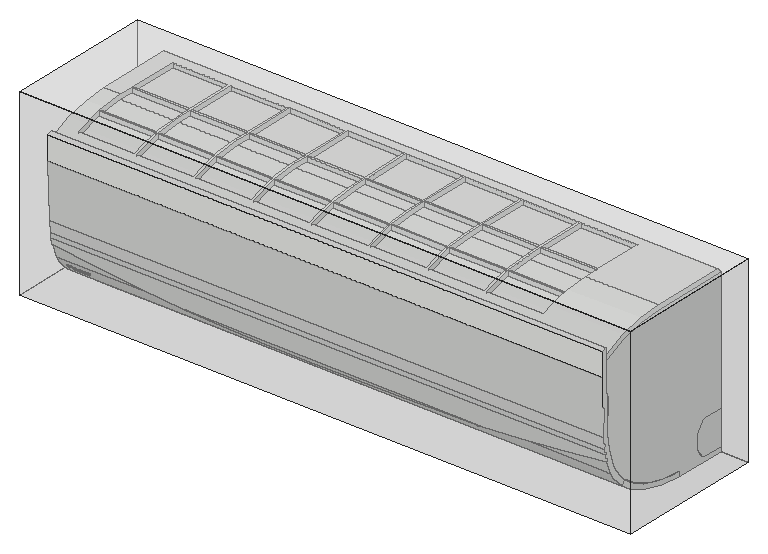
Revit family "outputfile", category 機械設備, Revit 2024
Family settings
  丸型コネクタ寸法 = 半径を使用
  パーツ タイプ = 標準
  OmniClass 番号 = 23.75.10.24.21.27.27
  OmniClass タイトル = Split System Air Conditioning Units
  作業面ベース = いいえ
  常に垂直 = はい
  ロード時にボイドで切り取り = いいえ
  注釈の向きを維持 = いいえ
  共有 = いいえ
  部屋計算ポイント = いいえ
Parameters (values of type "FTXV71W2VMA")
  Description = ""
  書き出し IFC クラス(タイプ) = "IfcUnitaryEquipmentType"
  定義済み IFC タイプ(タイプ) = "AIRCONDITIONINGUNIT"
  Cost = 0
  Type Comments = ""
  Keynote = ""
  Type Image = (empty or 0)
  Assembly Code = ""
  w_wall hole = if(Width = 770.0 mm, 48.0 mm, 60.0 mm)  # 60.0 mm
  製造元 = "Daikin"
  モデル = "FTXV71W2VMA"
  switch_frequency = yes
  r_Liquid Pipe Size = Liquid Pipe Size / 2  # 3.2 mm
  r_Gas Pipe Size = Gas Pipe Size / 2  # 7.95 mm
  r_Drain Pipe Size = Drain Pipe Size / 2  # 8.0 mm
  lw_powersupply [instance] = if(Width = 770.0 mm, if(or(Rear Right Connection_refrigerant, Bottom Right Connection_refrigerant), 25.0 mm, if(or(Rear Left Connection_refrigerant, Bottom Left Connection_refrigerant), 745.0 mm, 400.0 mm)), if(Width = 990.0 mm, if(or(Rear Right Connection_refrigerant, Bottom Right Connection_refrigerant), 40.0 mm, if(or(Rear Left Connection_refrigerant, Bottom Left Connection_refrigerant), 920.0 mm, 400.0 mm)), if(or(Rear Right Connection_refrigerant, Bottom Right Connection_refrigerant), 40.0 mm, if(or(Rear Left Connection_refrigerant, Bottom Left Connection_refrigerant), 920.0 mm, 400.0 mm))))  # 400.0 mm
  lw_liquidpipe [instance] = if(Width = 770.0 mm, if(or(Rear Right Connection_refrigerant, Bottom Right Connection_refrigerant), 0.0 mm, if(or(Rear Left Connection_refrigerant, Bottom Left Connection_refrigerant), 664.0 mm, 385.0 mm)), if(Width = 990.0 mm, if(or(Rear Right Connection_refrigerant, Bottom Right Connection_refrigerant), 0.0 mm, if(or(Rear Left Connection_refrigerant, Bottom Left Connection_refrigerant), 664.0 mm + (990.0 mm - 770.0 mm), 475.0 mm)), if(or(Rear Right Connection_refrigerant, Bottom Right Connection_refrigerant), 0.0 mm, if(or(Rear Left Connection_refrigerant, Bottom Left Connection_refrigerant), 664.0 mm + (990.0 mm - 770.0 mm), 475.0 mm))))  # 475.0 mm
  lw_gaspipe [instance] = if(Width = 770.0 mm, if(or(Rear Right Connection_refrigerant, Bottom Right Connection_refrigerant), 0.0 mm, if(or(Rear Left Connection_refrigerant, Bottom Left Connection_refrigerant), 675.0 mm, if(Gas Pipe Size = 12.7 mm, 345.0 mm, 335.0 mm))), if(Width = 990.0 mm, if(or(Rear Right Connection_refrigerant, Bottom Right Connection_refrigerant), 10.0 mm, if(or(Rear Left Connection_refrigerant, Bottom Left Connection_refrigerant), 890.0 mm, if(Gas Pipe Size = 15.9 mm, 410.0 mm, 400.0 mm))), if(or(Rear Right Connection_refrigerant, Bottom Right Connection_refrigerant), 10.0 mm, if(or(Rear Left Connection_refrigerant, Bottom Left Connection_refrigerant), 890.0 mm, if(Gas Pipe Size = 15.9 mm, 410.0 mm, 400.0 mm)))))  # 410.0 mm
  lw_drainpipe [instance] = if(Width = 770.0 mm, if(or(Rear Right Connection_refrigerant, Bottom Right Connection_refrigerant), 0.0 mm, if(or(Rear Left Connection_refrigerant, Bottom Left Connection_refrigerant), 770.0 mm - 48.0 mm - 48.0 mm, 440.0 mm)), if(Width = 990.0 mm, if(or(Rear Right Connection_refrigerant, Bottom Right Connection_refrigerant), 0.0 mm, if(or(Rear Left Connection_refrigerant, Bottom Left Connection_refrigerant), 675.0 mm + (990.0 mm - 770.0 mm), 435.0 mm)), if(or(Rear Right Connection_refrigerant, Bottom Right Connection_refrigerant), 0.0 mm, if(or(Rear Left Connection_refrigerant, Bottom Left Connection_refrigerant), 675.0 mm + (990.0 mm - 770.0 mm), 435.0 mm))))  # 435.0 mm
  l_powersupply_length [instance] = if(Width = 770.0 mm, if(Right Connection_refrigerant, 400.0 mm, if(Left Connection_refrigerant, 770.0 mm - 400.0 mm, if(or(Rear Left Connection_refrigerant, Rear Right Connection_refrigerant), 15.0 mm, 50.0 mm))), if(Width = 990.0 mm, if(Right Connection_refrigerant, 400.0 mm, if(Left Connection_refrigerant, 990.0 mm - 400.0 mm, if(or(Rear Left Connection_refrigerant, Rear Right Connection_refrigerant), 15.0 mm, 50.0 mm))), if(Right Connection_refrigerant, 400.0 mm, if(Left Connection_refrigerant, 990.0 mm - 400.0 mm, if(or(Rear Left Connection_refrigerant, Rear Right Connection_refrigerant), 15.0 mm, 50.0 mm)))))  # 400.0 mm
  l_liquidpipe_length [instance] = if(Width = 770.0 mm, if(Right Connection_refrigerant, 433.0 mm, if(Left Connection_refrigerant, 337.0 mm, if(or(Rear Left Connection_refrigerant, Rear Right Connection_refrigerant), 30.0 mm, 40.0 mm))), if(Width = 990.0 mm, if(Right Connection_refrigerant, 535.0 mm, if(Left Connection_refrigerant, 455.0 mm, if(or(Rear Left Connection_refrigerant, Rear Right Connection_refrigerant), 30.0 mm, 40.0 mm))), if(Right Connection_refrigerant, 535.0 mm, if(Left Connection_refrigerant, 455.0 mm, if(or(Rear Left Connection_refrigerant, Rear Right Connection_refrigerant), 30.0 mm, 40.0 mm)))))  # 535.0 mm
  l_gaspipe_length [instance] = if(Width = 770.0 mm, if(Right Connection_refrigerant, if(Gas Pipe Size = 12.7 mm, 393.0 mm, 383.0 mm), if(Left Connection_refrigerant, if(Gas Pipe Size = 12.7 mm, 770.0 mm - 393.0 mm, 770.0 mm - 383.0 mm), if(or(Rear Left Connection_refrigerant, Rear Right Connection_refrigerant), 40.0 mm, 50.0 mm))), if(Width = 990.0 mm, if(Right Connection_refrigerant, if(Gas Pipe Size = 15.9 mm, 470.0 mm, 460.0 mm), if(Left Connection_refrigerant, if(Gas Pipe Size = 15.9 mm, 990.0 mm - 470.0 mm, 990.0 mm - 460.0 mm), if(or(Rear Left Connection_refrigerant, Rear Right Connection_refrigerant), 40.0 mm, 50.0 mm))), if(Right Connection_refrigerant, if(Gas Pipe Size = 15.9 mm, 470.0 mm, 460.0 mm), if(Left Connection_refrigerant, if(Gas Pipe Size = 15.9 mm, 990.0 mm - 470.0 mm, 990.0 mm - 460.0 mm), if(or(Rear Left Connection_refrigerant, Rear Right Connection_refrigerant), 40.0 mm, 50.0 mm)))))  # 470.0 mm
  l_drainpipe_length [instance] = if(Width = 770.0 mm, if(Right Connection_refrigerant, 488.0 mm, if(Left Connection_refrigerant, 282.0 mm, if(or(Rear Left Connection_refrigerant, Rear Right Connection_refrigerant), 15.0 mm, 20.0 mm))), if(Width = 990.0 mm, if(Right Connection_refrigerant, 495.0 mm, if(Left Connection_refrigerant, 495.0 mm, if(or(Rear Left Connection_refrigerant, Rear Right Connection_refrigerant), 15.0 mm, 20.0 mm))), if(Right Connection_refrigerant, 495.0 mm, if(Left Connection_refrigerant, 495.0 mm, if(or(Rear Left Connection_refrigerant, Rear Right Connection_refrigerant), 15.0 mm, 20.0 mm)))))  # 495.0 mm
  h*** = 0.0 mm  # constant formula
  connector_voltage = Voltage_50Hz  # 230 V
  connector_powerinput = if([Power Input (Cooling)] > [Power Input (Heating)], [Power Input (Cooling)], [Power Input (Heating)])  # 0.000 kW
  connector_phase = Phase_50Hz  # 1
  angle_vertical [instance] = if(or(Bottom Left Connection_refrigerant, Bottom Right Connection_refrigerant), 0.00°, 90.00°)  # 90.00°
  angle_horizontal [instance] = if(Right Connection_refrigerant, 90.00°, if(Left Connection_refrigerant, -90.00°, if(or(Rear Left Connection_refrigerant, Rear Right Connection_refrigerant), 180.00°, 0.00°)))  # 90.00°
  Width = 990.0 mm
  Voltage_comment_50Hz = "220 - 240"
  Voltage_50Hz = 230 V
  Version = "ver.1.0"
  Unit Type = "Wall Mounted"
  Unit Mass Weight = 13.00 kg
  Unit Designation [instance] = ""
  Uniclass2015Version = "Products v1.30"
  Uniclass2015Title = "Split coil room air conditioning units"
  Uniclass2015Code = "Pr_70_65_03_86"
  URL = ""
  Total Heating Capacity [instance] = 0.000 kW
  Total Cooling Capacity [instance] = 0.000 kW
  Sound Pressure Level_M speed (dBA) = 45
  Sound Pressure Level_L speed (dBA) = 37
  Sound Pressure Level_H speed (dBA) = 49
  Sound Power Level_H speed (dB) = 0
  Series = "Single Split_Fan Coil Unit"
  Sensible Cooling Capacity [instance] = 0.000 kW
  Refrigerant Type = "R32"
  Power Input (Heating) = 0.000 kW
  Power Input (Cooling) = 0.000 kW
  Phase_50Hz = 1
  Option Accessory 3 [instance] = ""
  Option Accessory 2 [instance] = ""
  Option Accessory 1 [instance] = ""
  Nominal Heating Capacity = 8.000 kW
  Nominal Cooling Capacity = 7.100 kW
  Minimum Circuit Amps_50Hz = 0.0 A
  Minimum Airflow = 738.00 m³/h
  Median Airflow = 936.00 m³/h
  Maximum Fuse Amps_50Hz = 0.0 A
  Maximum Airflow = 1120.00 m³/h
  Material_Casing = DAIKIN_PureWhite_Casing_indoorunit
  Load Classification = HVAC
  Liquid Pipe Size = 6.4 mm
  Link_Nested Family [instance] = ""
  IfcVersion = ""
  IfcExportType = "AIRCONDITIONINGUNIT"
  IfcExportAs = "IfcUnitaryEquipmentType"
  Height = 295.0 mm
  Heating Entering Wet Bulb Temperature [instance] = -273.15 °C
  Heating Entering Dry Bulb Temperature [instance] = -273.15 °C
  Heating Ambient Wet Bulb Temperature [instance] = -273.15 °C
  Heating Ambient Dry Bulb Temperature [instance] = -273.15 °C
  Heat Exchanger Type = "Cross Fin Coil"
  Gas Pipe Size = 15.9 mm
  Frequency_50Hz = 50 Hz
  Fan Type = "Cross Flow Fan"
  Fan Drive = "Direct Drive"
  FCU Tag No. [instance] = ""
  Drain Pipe Size = 16.0 mm
  Design Supply Airflow [instance] = 0.00 m³/h
  Depth = 263.0 mm
  既定の高さ = 0.0 mm
  Cooling Entering Wet Bulb Temperature [instance] = 0.00 °C
  Cooling Entering Dry Bulb Temperature [instance] = 0.00 °C
  Cooling Ambient Wet Bulb Temperature [instance] = 0.00 °C
  Cooling Ambient Dry Bulb Temperature [instance] = 0.00 °C
  Clearance visibility [instance] = yes
  Clearance Top = 30.0 mm
  Clearance Right = 50.0 mm
  Clearance Rear = 0.0 mm
  Clearance Left = 50.0 mm
  Clearance Front = 0.0 mm
  Clearance Bottom = 0.0 mm
  Bottom Right Connection_refrigerant [instance] = no
  Bottom Left Connection_refrigerant [instance] = no
  Rear Right Connection_refrigerant [instance] = no
  Rear Left Connection_refrigerant [instance] = no
  Right Connection_refrigerant [instance] = yes
  Left Connection_refrigerant [instance] = no
Reference planes
  plane 1 "Back": y = 0
  plane 2: z = 0
  plane 3 "Center (Left/Right)": x = 0
  plane 4 "Center (Front/Back)": y = -131.5
  plane 5 "Front": y = -263
  plane 6 "Left": x = -495
  plane 7 "Right": x = 495
  plane 8 "Top": z = 0
  plane 9 "Bottom": z = -295
  plane 10: x = -545
  plane 11: x = 545
  plane 12: y = 0
  plane 13: y = -263
  plane 14: z = 30
  plane 15: z = -295
  plane 16 "lw_Piping and Wiring intake": x = 435
  plane 17 "lw_gaspipe": x = 25
  plane 18 "lw_liquidpipe": x = -40
  plane 19 "lw_drainpipe": x = 0
  plane 20 "lh_drainpipe": z = -275
  plane 21 "lh_liquidpipe": z = -255
  plane 22 "lh_gaspipe": z = -245
  plane 23 "ld_drainpipe": y = -15
  plane 24 "ld_liquidpipe": y = -30
  plane 25 "ld_gaspipe": y = -40
  plane 26 "lw_powersupply": x = 95
Dimensions and locks
  equal spacing: plane 6 "Left", plane 3 "Center (Left/Right)", plane 7 "Right"
  "Width": plane 6 "Left" to plane 7 "Right"
  equal spacing: plane 5 "Front", plane 4 "Center (Front/Back)", plane 1 "Back"
  "Depth": plane 5 "Front" to plane 1 "Back"
  "Height": plane 8 "Top" to plane 9 "Bottom"
  "Clearance Rear": plane 12 to plane 1 "Back"
  "Clearance Front": plane 13 to plane 5 "Front"
  "Clearance Top": plane 14 to plane 8 "Top"
  "Clearance Bottom": plane 9 "Bottom" to plane 15
  "w_wall hole": plane 16 "lw_Piping and Wiring intake" to plane 7 "Right"
  "lw_gaspipe": plane 17 "lw_gaspipe" to plane 16 "lw_Piping and Wiring intake"
  "lw_liquidpipe": plane 18 "lw_liquidpipe" to plane 16 "lw_Piping and Wiring intake"
  "lw_drainpipe": plane 19 "lw_drainpipe" to plane 16 "lw_Piping and Wiring intake"
  locked: plane 20 "lh_drainpipe" to plane 9 "Bottom" at 20
  locked: plane 21 "lh_liquidpipe" to plane 9 "Bottom" at 40
  locked: plane 22 "lh_gaspipe" to plane 9 "Bottom" at 50
  locked: plane 23 "ld_drainpipe" to plane 1 "Back" at 15
  locked: plane 1 "Back" to plane 24 "ld_liquidpipe" at 30
  locked: plane 1 "Back" to plane 25 "ld_gaspipe" at 40
  "lw_powersupply": plane 26 "lw_powersupply" to plane 7 "Right"
  "Clearance Right": plane 7 "Right" to plane 11
  "Clearance Left": plane 10 to plane 6 "Left"
  aligned and locked: level to plane 2
  aligned and locked: plane 12 to nested 1
  aligned and locked: nested 1 to plane 13
  aligned and locked: plane 10 to nested 1
  aligned and locked: plane 11 to nested 1
  aligned and locked: plane 15 to nested 1
  aligned and locked: plane 14 to nested 1
  aligned and locked: plane 17 "lw_gaspipe" to nested 2
  aligned and locked: nested 2 to plane 25 "ld_gaspipe"
  aligned and locked: plane 18 "lw_liquidpipe" to nested 3
  aligned and locked: nested 3 to plane 24 "ld_liquidpipe"
  aligned and locked: plane 19 "lw_drainpipe" to nested 4
  aligned and locked: nested 4 to plane 23 "ld_drainpipe"
  aligned and locked: nested 5 to plane 23 "ld_drainpipe"
  aligned and locked: plane 26 "lw_powersupply" to nested 5
  aligned and locked: level to plane 8 "Top"
  aligned and locked: plane 3 "Center (Left/Right)" to nested 6
  aligned and locked: plane 1 "Back" to nested 6
  aligned and locked: plane 8 "Top" to nested 6
Nested families
  nested 1: "daikin_clearancespace" at (0, -131.5, -132.381), show <- "Clearance visibility", visible <- "Clearance visibility", Link_Nested Family <- "Link_Nested Family", type "daikin_clearancespace"
    with width 1090.0 mm, show yes, height 325.0 mm, depth 263.0 mm, Link_Nested Family ""
  nested 2: "daikin_connector_rotate3" at (25, -40, -245), angle_vertical <- "angle_vertical", angle_horizontal <- "angle_horizontal", length <- "l_gaspipe_length", radius <- "r_Gas Pipe Size", type "daikin_connector_rotate3"
    with show no, radius 7.95 mm, length 470.0 mm, angle_vertical 90.00°, angle_horizontal 90.00°
  nested 3: "daikin_connector_rotate3" at (-40, -30, -255), angle_vertical <- "angle_vertical", angle_horizontal <- "angle_horizontal", radius <- "r_Liquid Pipe Size", length <- "l_liquidpipe_length", type "daikin_connector_rotate3"
    with show no, radius 3.2 mm, length 535.0 mm, angle_vertical 90.00°, angle_horizontal 90.00°
  nested 4: "daikin_connector_rotate3" at (0, -15, -275), angle_vertical <- "angle_vertical", angle_horizontal <- "angle_horizontal", length <- "l_drainpipe_length", radius <- "r_Drain Pipe Size", type "daikin_connector_rotate3"
    with show no, radius 8.0 mm, length 495.0 mm, angle_vertical 90.00°, angle_horizontal 90.00°
  nested 5: "daikin_connector_rotate3" at (95, -15, -245), angle_vertical <- "angle_vertical", angle_horizontal <- "angle_horizontal", length <- "l_powersupply_length", type "daikin_connector_rotate3"
    with show no, radius 10.0 mm, length 400.0 mm, angle_vertical 90.00°, angle_horizontal 90.00°
  nested 6: "DAIKIN_indoorunit_FTXV-W2VMA" at (-31, 0, 0), type "FTXV-W2VMA"
    with switch_unit1_50-71 yes, switch_unit1_20-46 no, Width 990.0 mm, WALL HOLE-R 60.0 mm, WALL HOLE Size 80.0 mm, Height 295.0 mm
Connectors
  piping at (495, -40, -245), diameter 15.9, driven by "r_Gas Pipe Size"
    settings: on nested 2, index 1, connector inside diameter 609.6 mm, connector length 0.0 mm, flow factor 0, pipe flow 0.00 m³/h, pressure drop 0.0 Pa, fitting loss kfactor 0, connector angle 0.00°, fixture units 0, engagement length 0.0 mm, angle of deflection 0.00°, flow configuration 1, flow direction 2, fitting loss method 0, system type 29, joint type 0, gender type 0, connector reference index -1, connector utility 0, adjustable connector no, is connector primary yes, connector description "Refrigerant Gas Piping"
  piping at (495, -30, -255), diameter 6.4, driven by "r_Liquid Pipe Size"
    settings: on nested 3, index 2, connector inside diameter 609.6 mm, connector length 0.0 mm, flow factor 0, pipe flow 0.00 m³/h, pressure drop 0.0 Pa, fitting loss kfactor 0, connector angle 0.00°, fixture units 0, engagement length 0.0 mm, angle of deflection 0.00°, flow configuration 1, flow direction 1, fitting loss method 0, system type 29, joint type 0, gender type 0, connector reference index -1, connector utility 0, adjustable connector no, is connector primary no, connector description "Refrigerant Liquid Piping"
  piping at (495, -15, -275), diameter 16, driven by "r_Drain Pipe Size"
    settings: on nested 4, index 3, connector inside diameter 609.6 mm, connector length 0.0 mm, flow factor 0, pipe flow 0.00 m³/h, pressure drop 0.0 Pa, fitting loss kfactor 0, connector angle 0.00°, fixture units 0, engagement length 0.0 mm, angle of deflection 0.00°, flow configuration 1, flow direction 2, fitting loss method 4, system type 16, joint type 0, gender type 0, connector reference index -1, connector utility 0, adjustable connector no, is connector primary no, connector description "Condensate Drain Piping"
  electrical at (495, -15, -245), driven by "Load Classification", driven by "connector_phase", driven by "connector_powerinput", driven by "connector_voltage"
    settings: on nested 5, index 4, voltage 230 V, apparent load 0 VA, apparent load phase1 0 VA, apparent load phase2 0 VA, apparent load phase3 0 VA, power factor 1, load classification "HVAC", number of poles 1, system type 30, power factor state 1, is connector primary yes, connector utility no, sub classification motor no, connector description "Power Supply"
Definition of nested family "daikin_clearancespace"
  Parameters (values of type "daikin_clearancespace")
    Description = "daikin_clearancespace"
    width [instance] = 1823.963 mm
    show [instance] = yes
    material = none
    height [instance] = 1359.762 mm
    depth [instance] = 880.0 mm
    Default Elevation = 0.0 mm
    Link_Nested Family [instance] = ""
  Reference planes
    plane 1 "Center (Front/Back)": y = 0
    plane 2 "Center (Elevation)": z = -0.119
    plane 3 "Center (Left/Right)": x = 0
    plane 4: y = 440
    plane 5: y = -440
    plane 6 "Right": x = 911.982
    plane 7 "Left": x = -911.982
    plane 8 "Top": z = 679.762
    plane 9 "Bottom": z = -680
  Forms (mm)
    Extrusion 1, solid, material <- "material", visible <- "show"
      sketch origin (0, 0, 0) x (1, 0, 0) y (0, 1, 0)
        loop
          line (-911.982, 440) -> (-911.982, -440) -> (911.982, -440) -> (911.982, 440) -> (-911.982, 440)
      from -680 to 679.762
  Lines and regions (mm)
    symbolic lines, visible <- "show"
      curve 1: line (911.982, 440, 0) -> (-911.982, 440, 0)
      curve 2: line (-911.982, 440, 0) -> (-911.982, -440, 0)
      curve 3: line (-911.982, -440, 0) -> (911.982, -440, 0)
      curve 4: line (911.982, -440, 0) -> (911.982, 440, 0)
      curve 5: line (911.982, 0, 679.762) -> (-911.982, 0, 679.762)
      curve 6: line (911.982, 0, -680) -> (911.982, 0, 679.762)
      curve 7: line (-911.982, 0, -680) -> (911.982, 0, -680)
      curve 8: line (-911.982, 0, 679.762) -> (-911.982, 0, -680)
      curve 9: line (0, 440, 679.762) -> (0, -440, 679.762)
      curve 10: line (0, -440, 679.762) -> (0, -440, -680)
      curve 11: line (0, 440, -680) -> (0, 440, 679.762)
      curve 12: line (0, -440, -680) -> (0, 440, -680)
  Dimensions and locks
    "width": plane 7 "Left" to plane 6 "Right"
    "depth": plane 4 to plane 5
    "height": plane 8 "Top" to plane 9 "Bottom"
    equal spacing: plane 7 "Left", plane 3 "Center (Left/Right)", plane 6 "Right"
    equal spacing: plane 4, plane 1 "Center (Front/Back)", plane 5
    equal spacing: plane 8 "Top", plane 2 "Center (Elevation)", plane 9 "Bottom"
    aligned and locked: level to plane 2 "Center (Elevation)"
    aligned and locked: Extrusion 1 sketch curve to plane 4
    aligned and locked: plane 7 "Left" to Extrusion 1 sketch curve
    aligned and locked: Extrusion 1 sketch curve to plane 5
    aligned and locked: Extrusion 1 sketch curve to plane 6 "Right"
    aligned and locked: plane 8 "Top" to Extrusion 1
    aligned and locked: curve 1 to Extrusion 1
    aligned and locked: curve 2 to Extrusion 1
    aligned and locked: curve 3 to Extrusion 1
    aligned and locked: curve 4 to Extrusion 1
    aligned and locked: curve 5 to Extrusion 1
    aligned and locked: curve 6 to Extrusion 1
    aligned and locked: curve 7 to Extrusion 1
    aligned and locked: curve 8 to Extrusion 1
    aligned and locked: curve 9 to Extrusion 1
    aligned and locked: curve 10 to Extrusion 1
    aligned and locked: curve 11 to Extrusion 1
    aligned and locked: curve 12 to Extrusion 1
    aligned and locked: Extrusion 1 to plane 9 "Bottom"
Definition of nested family "DAIKIN_indoorunit_FTXV-W2VMA"
  Parameters (values of type "FTKM-QVMA")
    switch_unit1_50-71 = Width = 990.0 mm  # no
    switch_unit1_20-46 = Width = 770.0 mm  # yes
    Width = 770.0 mm
    WALL HOLE-R = if(Width = 770.0 mm, 48.0 mm, 60.0 mm)  # 48.0 mm
    WALL HOLE Size = if(Width = 770.0 mm, 65.0 mm, 80.0 mm)  # 65.0 mm
    Material_Casing = none
    Height = if(Width = 770.0 mm, 285.0 mm, 295.0 mm)  # 285.0 mm
    Default Elevation = 0.0 mm
  Reference planes
    plane 1 "Center (Front/Back)": y = 0
    plane 2 "reference_level": z = 0
    plane 3 "Center (Left/Right)": x = 31
    plane 4: x = -354
    plane 5: x = 416
    plane 6: z = -285
  Forms (mm)
    Extrusion 1, solid, material <- "Material_Casing", visible <- "switch_unit1_20-46"
      sketch origin (29, 0, 0) x (0, 1, 0) y (0, 0, 1)
        loop
          line (-5, 0) -> (-98, 0)
          arc (-98, 0) -> (-157.611, -7.211) -> (-213.783, -28.427) r 250
          arc (-213.783, -28.427) -> (-213.842, -32.972) -> (-213.892, -37.516) r 2191
          arc (-213.892, -37.516) -> (-157.832, -15.495) -> (-98.07, -8) r 242
          line (-98.07, -8) -> (0, -8) -> (-5, 0)
      from -383 to 387
    Extrusion 2, solid, material <- "Material_Casing", visible <- "switch_unit1_20-46"
      sketch origin (416, 1296.25, 1200) x (0, 1, 0) y (0, 0, 1)
        loop
          line (-1472.998, -1446.91) -> (-1476.998, -1453.839)
          arc (-1476.998, -1453.839) -> (-1437.481, -1472.422) -> (-1395.25, -1483.538) r 240
          line (-1395.25, -1483.538) -> (-1395.25, -1475.422)
          arc (-1395.25, -1475.422) -> (-1435.407, -1464.663) -> (-1472.998, -1446.91) r 232
      from 0 to -47.5
    Extrusion 3, solid, material <- "Material_Casing", visible <- "switch_unit1_20-46"
      sketch origin (29, 0, 0) x (0, 1, 0) y (0, 0, 1)
        loop
          arc (-223, -60.455) -> (-222.414, -110.646) -> (-220.656, -160.81) r 2149.92
          arc (-220.656, -160.81) -> (-219.65, -174.299) -> (-217.853, -187.706) r 229.911
          arc (-217.853, -187.706) -> (-205.371, -223.594) -> (-181.517, -253.17) r 111
          line (-181.517, -253.17) -> (-177.429, -246.093)
          arc (-177.429, -246.093) -> (-198.77, -218.989) -> (-209.965, -186.36) r 103
          arc (-209.965, -186.36) -> (-211.681, -173.586) -> (-212.651, -160.735) r 221.844
          arc (-212.651, -160.735) -> (-214.739, -93.233) -> (-214.74, -25.699) r 2186.828
          arc (-214.74, -25.699) -> (-214.671, -21.467) -> (-214.594, -17.235) r 2192
          line (-214.594, -17.235) -> (-223, -19.961) -> (-223, -60.455)
      from -383 to 387
    Extrusion 4, solid, material <- "Material_Casing", visible <- "switch_unit1_20-46"
      sketch origin (29, 0, 0) x (0, 1, 0) y (0, 0, 1)
        loop
          line (-181.517, -253.17) -> (-179.597, -249.846)
          arc (-179.597, -249.846) -> (-202.009, -221.399) -> (-213.189, -186.952) r 103
          line (-213.189, -186.952) -> (-217.853, -187.706)
          arc (-217.853, -187.706) -> (-217.533, -189.556) -> (-217.182, -191.4) r 111
          arc (-217.182, -191.4) -> (-213.806, -208.181) -> (-210.362, -224.948) r 4257.809
          arc (-210.362, -224.948) -> (-198.886, -237.857) -> (-186.225, -249.607) r 180
          line (-186.225, -249.607) -> (-181.517, -253.17)
      from -383 to 387
    Extrusion 5, solid, material <- "Material_Casing", visible <- "switch_unit1_20-46"
      sketch origin (29, 0, -20) x (0, 1, 0) y (0, 0, 1)
        loop
          line (0, -265) -> (0, 12) -> (-98.07, 12)
          arc (-98.07, 12) -> (-157.832, 4.505) -> (-213.892, -17.516) r 242
          arc (-213.892, -17.516) -> (-213.638, -79.114) -> (-211.653, -140.681) r 2191
          arc (-211.653, -140.681) -> (-210.685, -153.501) -> (-208.973, -166.243) r 221
          arc (-208.973, -166.243) -> (-197.471, -199.282) -> (-175.482, -226.491) r 102
          arc (-175.482, -226.491) -> (-138.004, -244.019) -> (-98, -254.579) r 231
          line (-98, -254.579) -> (-98, -265) -> (0, -265)
      from -383 to 387
    Extrusion 6, solid, material <- "Material_Casing", visible <- "switch_unit1_20-46"
      sketch origin (-354, 1296.25, 1200) x (0, 1, 0) y (0, 0, 1)
        loop
          line (-1472.998, -1446.91) -> (-1476.998, -1453.839)
          arc (-1476.998, -1453.839) -> (-1437.481, -1472.422) -> (-1395.25, -1483.538) r 240
          line (-1395.25, -1483.538) -> (-1395.25, -1475.422)
          arc (-1395.25, -1475.422) -> (-1435.407, -1464.663) -> (-1472.998, -1446.91) r 232
      from 47 to 0
    Extrusion 7, solid, material <- "Material_Casing", visible <- "switch_unit1_20-46"
      sketch origin (416, 1296.25, 1200) x (0, 1, 0) y (0, 0, 1)
        loop
          line (-1472.998, -1446.91) -> (-1476.998, -1453.839)
          arc (-1476.998, -1453.839) -> (-1443.437, -1470.168) -> (-1407.75, -1481.097) r 240
          line (-1407.75, -1481.097) -> (-1407.75, -1472.894)
          arc (-1407.75, -1472.894) -> (-1441.363, -1462.385) -> (-1472.998, -1446.91) r 232
      from -116.993 to -48.493
    Extrusion 8, solid, material <- "Material_Casing", visible <- "switch_unit1_20-46"
      sketch origin (416, 1296.25, 1200) x (0, 1, 0) y (0, 0, 1)
        loop
          line (-1472.998, -1446.91) -> (-1476.998, -1453.839)
          arc (-1476.998, -1453.839) -> (-1443.437, -1470.168) -> (-1407.75, -1481.097) r 240
          line (-1407.75, -1481.097) -> (-1407.75, -1472.894)
          arc (-1407.75, -1472.894) -> (-1441.363, -1462.385) -> (-1472.998, -1446.91) r 232
      from -717 to -121.993
    Extrusion 9, void
      sketch origin (31, 0, -235) x (1, 0, 0) y (0, 1, 0)
        loop
          line (-252.674, -22.316) -> (-354.941, -22.316) -> (-354.941, -91.341) -> (-252.674, -91.341) -> (-252.674, -22.316)
        loop
          line (-249.341, -91.341) -> (-151.574, -91.341) -> (-151.574, -22.316) -> (-249.341, -22.316) -> (-249.341, -91.341)
        loop
          line (58.309, -22.316) -> (-148.309, -22.316) -> (-148.309, -91.341) -> (58.309, -91.341) -> (58.309, -22.316)
        loop
          line (61.689, -22.316) -> (61.689, -91.341) -> (159.457, -91.341) -> (159.457, -22.316) -> (61.689, -22.316)
        loop
          line (162.789, -22.316) -> (162.789, -91.341) -> (265.057, -91.341) -> (265.057, -22.316) -> (162.789, -22.316)
        loop
          line (-354.941, -94.659) -> (-354.941, -165.259) -> (-252.674, -165.259) -> (-252.674, -94.659) -> (-354.941, -94.659)
        loop
          line (-249.341, -94.659) -> (-249.341, -165.259) -> (-151.574, -165.259) -> (-151.574, -94.659) -> (-249.341, -94.659)
        loop
          line (-148.309, -94.659) -> (-148.309, -165.259) -> (58.309, -165.259) -> (58.309, -94.659) -> (-148.309, -94.659)
        loop
          line (61.689, -94.659) -> (61.689, -165.259) -> (159.457, -165.259) -> (159.457, -94.659) -> (61.689, -94.659)
        loop
          line (162.789, -94.659) -> (162.789, -165.259) -> (265.057, -165.259) -> (265.057, -94.659) -> (162.789, -94.659)
        loop
          line (-354.941, -167.382) -> (-354.941, -192.681) -> (-252.674, -192.681) -> (-252.674, -167.382) -> (-354.941, -167.382)
        loop
          line (-249.341, -167.382) -> (-249.341, -192.681) -> (-151.574, -192.681) -> (-151.574, -167.382) -> (-249.341, -167.382)
        loop
          line (-148.309, -167.382) -> (-148.309, -192.681) -> (58.309, -192.681) -> (58.309, -167.382) -> (-148.309, -167.382)
        loop
          line (159.457, -167.382) -> (61.689, -167.382) -> (61.689, -192.681) -> (159.457, -192.681) -> (159.457, -167.382)
        loop
          line (265.057, -167.382) -> (162.789, -167.382) -> (162.789, -192.681) -> (265.057, -192.681) -> (265.057, -167.382)
      from 201.638 to 250
    Extrusion 10, void
      sketch origin (31, 0, 0) x (1, 0, 0) y (0, 0, 1)
        loop
          arc (597, -174.907) -> (0.056, -245.263) -> (-597, -175.856) r 2585.042
          line (-597, -175.856) -> (-597, -352.872) -> (597, -352.872) -> (597, -174.907)
      from 173 to 315.3
    Extrusion 11, solid, material <- "Material_Casing"
      sketch origin (31, 0, 0) x (1, 0, 0) y (0, 0, 1)
        loop
          circle (337, -240.5) r 32.5
        loop
          circle (-337, -240.5) r 32.5
      from 0 to 5
    Extrusion 12, solid, material <- "Material_Casing", visible <- "switch_unit1_20-46"
      sketch origin (416, 1296.25, 1200) x (0, -1, 0) y (0, 0, 1)
        loop
          line (1326.25, -1417) -> (1296.25, -1417) -> (1296.25, -1477) -> (1326.25, -1477)
          arc (1326.25, -1477) -> (1340.393, -1471.142) -> (1346.25, -1457) r 20
          line (1346.25, -1457) -> (1346.25, -1437)
          arc (1346.25, -1437) -> (1340.393, -1422.858) -> (1326.25, -1417) r 20
      from 0 to 5
    Extrusion 13, solid, material <- "Material_Casing", visible <- "switch_unit1_20-46"
      sketch origin (-354, 1296.25, 1200) x (0, 1, 0) y (0, 0, 1)
        loop
          line (-1296.25, -1417) -> (-1326.25, -1417)
          arc (-1326.25, -1417) -> (-1340.393, -1422.858) -> (-1346.25, -1437) r 20
          line (-1346.25, -1437) -> (-1346.25, -1457)
          arc (-1346.25, -1457) -> (-1340.393, -1471.142) -> (-1326.25, -1477) r 20
          line (-1326.25, -1477) -> (-1296.25, -1477) -> (-1296.25, -1417)
      from 0 to 5
    Extrusion 14, solid, material <- "Material_Casing", visible <- "switch_unit1_20-46"
      sketch origin (31, 0, -285) x (-1, 0, 0) y (0, -1, 0)
        loop
          line (-314, 0) -> (-314, 30)
          arc (-314, 30) -> (-319.858, 44.142) -> (-334, 50) r 20
          line (-334, 50) -> (-354, 50)
          arc (-354, 50) -> (-368.142, 44.142) -> (-374, 30) r 20
          line (-374, 30) -> (-374, 0) -> (-314, 0)
        loop
          line (374, 0) -> (374, 30)
          arc (374, 30) -> (368.142, 44.142) -> (354, 50) r 20
          line (354, 50) -> (334, 50)
          arc (334, 50) -> (319.858, 44.142) -> (314, 30) r 20
          line (314, 30) -> (314, 0) -> (374, 0)
      from 0 to 5
    Extrusion 15, solid, material <- "Material_Casing", visible <- "switch_unit1_50-71"
      sketch origin (31, 0, 0) x (0, 1, 0) y (0, 0, 1)
        loop
          line (-5, 0) -> (-138, 0)
          arc (-138, 0) -> (-197.611, -7.211) -> (-253.783, -28.427) r 250
          arc (-253.783, -28.427) -> (-253.838, -32.687) -> (-253.886, -36.946) r 2191
          arc (-253.886, -36.946) -> (-197.73, -15.346) -> (-138.014, -8) r 246.393
          line (-138.014, -8) -> (0, -8) -> (-5, 0)
      from -495 to 495
    Extrusion 16, solid, material <- "Material_Casing", visible <- "switch_unit1_50-71"
      sketch origin (418, 1296.25, 1200) x (0, 1, 0) y (0, 0, 1)
        loop
          arc (-1515.208, -1454.149) -> (-1506.856, -1460.599) -> (-1497.925, -1466.219) r 110
          arc (-1497.925, -1466.219) -> (-1445.718, -1487.493) -> (-1389.844, -1494.995) r 223
          line (-1389.844, -1494.995) -> (-1389.844, -1486.086) -> (-1404.386, -1486.086)
          arc (-1404.386, -1486.086) -> (-1449.542, -1477.46) -> (-1491.818, -1459.402) r 214.289
          arc (-1491.818, -1459.402) -> (-1501.056, -1453.541) -> (-1509.606, -1446.715) r 101
          line (-1509.606, -1446.715) -> (-1515.208, -1454.149)
      from 108 to 57.5
    Extrusion 17, solid, material <- "Material_Casing", visible <- "switch_unit1_50-71"
      sketch origin (31, 0, 0) x (0, 1, 0) y (0, 0, 1)
        loop
          line (-263, -19.962) -> (-263, -61.6)
          arc (-263, -61.6) -> (-262.414, -110.219) -> (-260.656, -158.81) r 2017.341
          arc (-260.656, -158.81) -> (-255.648, -191.935) -> (-244.041, -223.362) r 164.725
          arc (-244.041, -223.362) -> (-233.569, -239.793) -> (-219.717, -253.495) r 87.379
          line (-219.717, -253.495) -> (-214.706, -246.846)
          arc (-214.706, -246.846) -> (-229.564, -230.029) -> (-240.385, -210.371) r 102
          arc (-240.385, -210.371) -> (-249.049, -182.962) -> (-252.848, -154.467) r 165.789
          arc (-252.848, -154.467) -> (-254.771, -90.102) -> (-254.74, -25.708) r 2122.533
          arc (-254.74, -25.708) -> (-254.671, -21.469) -> (-254.594, -17.23) r 2192
          line (-254.594, -17.23) -> (-263, -19.962)
      from -495 to 495
    Extrusion 18, void
      sketch origin (33, 0, 0) x (1, 0, 0) y (0, 1, 0)
        loop
          line (-466.909, -22.316) -> (-466.909, -111.341) -> (-366.303, -111.341) -> (-366.303, -22.316) -> (-466.909, -22.316)
        loop
          line (-362.71, -22.316) -> (-362.71, -111.341) -> (-262.103, -111.341) -> (-262.103, -22.316) -> (-362.71, -22.316)
        loop
          line (-258.51, -22.316) -> (-258.51, -111.341) -> (-157.904, -111.341) -> (-157.904, -22.316) -> (-258.51, -22.316)
        loop
          line (-154.31, -22.316) -> (-154.31, -111.341) -> (-53.704, -111.341) -> (-53.704, -22.316) -> (-154.31, -22.316)
        loop
          line (-50.11, -22.316) -> (-50.11, -111.341) -> (50.496, -111.341) -> (50.496, -22.316) -> (-50.11, -22.316)
        loop
          line (54.089, -22.316) -> (54.089, -111.341) -> (154.696, -111.341) -> (154.696, -22.316) -> (54.089, -22.316)
        loop
          line (158.289, -22.316) -> (158.289, -111.341) -> (258.895, -111.341) -> (258.895, -22.316) -> (158.289, -22.316)
        loop
          line (262.489, -22.316) -> (262.489, -111.341) -> (363.095, -111.341) -> (363.095, -22.316) -> (262.489, -22.316)
        loop
          line (-466.909, -114.459) -> (-466.909, -185.059) -> (-366.303, -185.059) -> (-366.303, -114.459) -> (-466.909, -114.459)
        loop
          line (-362.71, -114.459) -> (-362.71, -185.059) -> (-262.103, -185.059) -> (-262.103, -114.459) -> (-362.71, -114.459)
        loop
          line (-258.51, -114.459) -> (-258.51, -185.059) -> (-157.904, -185.059) -> (-157.904, -114.459) -> (-258.51, -114.459)
        loop
          line (-154.31, -114.459) -> (-154.31, -185.059) -> (-53.704, -185.059) -> (-53.704, -114.459) -> (-154.31, -114.459)
        loop
          line (-50.11, -114.459) -> (-50.11, -185.059) -> (50.496, -185.059) -> (50.496, -114.459) -> (-50.11, -114.459)
        loop
          line (54.089, -114.459) -> (54.089, -185.059) -> (154.696, -185.059) -> (154.696, -114.459) -> (54.089, -114.459)
        loop
          line (158.289, -114.459) -> (158.289, -185.059) -> (258.895, -185.059) -> (258.895, -114.459) -> (158.289, -114.459)
        loop
          line (262.489, -114.459) -> (262.489, -185.059) -> (363.095, -185.059) -> (363.095, -114.459) -> (262.489, -114.459)
        loop
          line (-466.909, -187.382) -> (-466.909, -232.681) -> (-366.303, -232.681) -> (-366.303, -187.382) -> (-466.909, -187.382)
        loop
          line (-362.71, -187.382) -> (-362.71, -232.681) -> (-262.103, -232.681) -> (-262.103, -187.382) -> (-362.71, -187.382)
        loop
          line (-258.51, -187.382) -> (-258.51, -232.681) -> (-157.904, -232.681) -> (-157.904, -187.382) -> (-258.51, -187.382)
        loop
          line (-154.31, -187.382) -> (-154.31, -232.681) -> (-53.704, -232.681) -> (-53.704, -187.382) -> (-154.31, -187.382)
        loop
          line (-50.11, -187.382) -> (-50.11, -232.681) -> (50.496, -232.681) -> (50.496, -187.382) -> (-50.11, -187.382)
        loop
          line (54.089, -187.382) -> (54.089, -232.681) -> (154.696, -232.681) -> (154.696, -187.382) -> (54.089, -187.382)
        loop
          line (158.289, -187.382) -> (158.289, -232.681) -> (258.895, -232.681) -> (258.895, -187.382) -> (158.289, -187.382)
        loop
          line (262.489, -187.382) -> (262.489, -232.681) -> (363.095, -232.681) -> (363.095, -187.382) -> (262.489, -187.382)
      from -40.013 to 47.268
    Extrusion 19, void
      sketch origin (33, 0, 2300) x (1, 0, 0) y (0, 0, 1)
        loop
          line (705, -2672.872) -> (705, -2462.4)
          arc (705, -2462.4) -> (-2.043, -2534.819) -> (-709, -2461.567) r 3467.757
          line (-709, -2461.567) -> (-709, -2672.872) -> (705, -2672.872)
      from 173 to 315.3
    Extrusion 20, solid, material <- "Material_Casing", visible <- "switch_unit1_50-71"
      sketch origin (-356, 1296.25, 1200) x (0, 1, 0) y (0, 0, -1)
        loop
          line (-1515.208, 1454.149) -> (-1509.606, 1446.715)
          arc (-1509.606, 1446.715) -> (-1501.056, 1453.541) -> (-1491.818, 1459.402) r 101
          arc (-1491.818, 1459.402) -> (-1449.542, 1477.46) -> (-1404.386, 1486.086) r 214.289
          line (-1404.386, 1486.086) -> (-1389.844, 1486.086) -> (-1389.844, 1494.995)
          arc (-1389.844, 1494.995) -> (-1445.718, 1487.493) -> (-1497.925, 1466.219) r 223
          arc (-1497.925, 1466.219) -> (-1506.856, 1460.599) -> (-1515.208, 1454.149) r 110
      from 108 to 61
    Extrusion 21, solid, material <- "Material_Casing", visible <- "switch_unit1_50-71"
      sketch origin (418, 1296.25, 1200) x (0, 1, 0) y (0, 0, 1)
        loop
          arc (-1515.208, -1454.149) -> (-1506.856, -1460.599) -> (-1497.925, -1466.219) r 110
          arc (-1497.925, -1466.219) -> (-1463.185, -1482.066) -> (-1426.25, -1491.755) r 223
          line (-1426.25, -1491.755) -> (-1426.25, -1483.166)
          arc (-1426.25, -1483.166) -> (-1460.008, -1473.969) -> (-1491.818, -1459.402) r 214.289
          arc (-1491.818, -1459.402) -> (-1501.056, -1453.541) -> (-1509.606, -1446.715) r 101
          line (-1509.606, -1446.715) -> (-1515.208, -1454.149)
      from 56.5 to -36.993
    Extrusion 22, solid, material <- "Material_Casing", visible <- "switch_unit1_50-71"
      sketch origin (418, 1296.25, 1200) x (0, 1, 0) y (0, 0, 1)
        loop
          arc (-1426.25, -1483.166) -> (-1443.442, -1479.224) -> (-1460.25, -1473.881) r 214.289
          line (-1460.25, -1473.881) -> (-1460.25, -1483.089)
          arc (-1460.25, -1483.089) -> (-1443.421, -1488.091) -> (-1426.25, -1491.755) r 223
          line (-1426.25, -1491.755) -> (-1426.25, -1483.166)
      from -43.493 to -828.893
    Extrusion 23, solid, material <- "Material_Casing", visible <- "switch_unit1_50-71"
      sketch origin (418, 1296.25, 1200) x (0, 1, 0) y (0, 0, 1)
        loop
          arc (-1515.208, -1454.149) -> (-1506.856, -1460.599) -> (-1497.925, -1466.219) r 110
          arc (-1497.925, -1466.219) -> (-1479.479, -1475.527) -> (-1460.25, -1483.089) r 223
          line (-1460.25, -1483.089) -> (-1460.25, -1473.881)
          arc (-1460.25, -1473.881) -> (-1476.328, -1467.282) -> (-1491.818, -1459.402) r 214.289
          arc (-1491.818, -1459.402) -> (-1501.056, -1453.541) -> (-1509.606, -1446.715) r 101
          line (-1509.606, -1446.715) -> (-1515.208, -1454.149)
      from -43.493 to -828.893
    Extrusion 24, solid, material <- "Material_Casing", visible <- "switch_unit1_50-71"
      sketch origin (31, 0, 0) x (0, 1, 0) y (0, 0, 1)
        loop
          arc (-217.78, -250.924) -> (-234.088, -233.307) -> (-245.826, -212.366) r 102
          arc (-245.826, -212.366) -> (-251.608, -196.062) -> (-255.659, -179.245) r 165.789
          line (-255.659, -179.245) -> (-258.299, -179.737)
          arc (-258.299, -179.737) -> (-257.524, -183.799) -> (-256.646, -187.84) r 164.725
          arc (-256.646, -187.84) -> (-252.868, -206.25) -> (-249.973, -224.82) r 393.089
          arc (-249.973, -224.82) -> (-239.237, -236.969) -> (-227.451, -248.102) r 180
          arc (-227.451, -248.102) -> (-223.723, -250.998) -> (-219.717, -253.495) r 45.878
          line (-219.717, -253.495) -> (-217.78, -250.924)
      from -495 to 495
    Extrusion 25, solid, material <- "Material_Casing", visible <- "switch_unit1_50-71"
      sketch origin (31, 0, -30) x (0, 1, 0) y (0, 0, 1)
        loop
          line (0, 22) -> (-138.014, 22)
          arc (-138.014, 22) -> (-197.73, 14.654) -> (-253.886, -6.946) r 246.393
          arc (-253.886, -6.946) -> (-253.682, -65.635) -> (-251.855, -124.295) r 2120.935
          arc (-251.855, -124.295) -> (-248.086, -152.682) -> (-239.461, -179.988) r 164.789
          arc (-239.461, -179.988) -> (-228.903, -199.231) -> (-214.437, -215.738) r 101
          line (-214.437, -215.738) -> (-212.406, -216.221)
          arc (-212.406, -216.221) -> (-204.07, -222.837) -> (-195.079, -228.53) r 100
          arc (-195.079, -228.53) -> (-145.557, -248.629) -> (-92.593, -255.785) r 213.289
          line (-92.593, -255.785) -> (-92.593, -265) -> (0, -265) -> (0, 22)
      from -495 to 495
    Extrusion 26, solid, material <- "Material_Casing", visible <- "switch_unit1_50-71"
      sketch origin (526, 1296.25, 1200) x (0, -1, 0) y (0, 0, 1)
        loop
          line (1326.25, -1427.035) -> (1296.25, -1427.035) -> (1296.25, -1487.035) -> (1326.25, -1487.035)
          arc (1326.25, -1487.035) -> (1340.393, -1481.177) -> (1346.25, -1467.035) r 20
          line (1346.25, -1467.035) -> (1346.25, -1447.035)
          arc (1346.25, -1447.035) -> (1340.393, -1432.892) -> (1326.25, -1427.035) r 20
      from 0 to 5
    Extrusion 27, solid, material <- "Material_Casing", visible <- "switch_unit1_50-71"
      sketch origin (-459, 1296.25, 1200) x (0, -1, 0) y (0, 0, 1)
        loop
          line (1326.25, -1427.035) -> (1296.25, -1427.035) -> (1296.25, -1487.035) -> (1326.25, -1487.035)
          arc (1326.25, -1487.035) -> (1340.393, -1481.177) -> (1346.25, -1467.035) r 20
          line (1346.25, -1467.035) -> (1346.25, -1447.035)
          arc (1346.25, -1447.035) -> (1340.393, -1432.892) -> (1326.25, -1427.035) r 20
      from 0 to 5
    Extrusion 28, solid, material <- "Material_Casing", visible <- "switch_unit1_50-71"
      sketch origin (31, 200, -295) x (-1, 0, 0) y (0, -1, 0)
        loop
          line (469, 200) -> (469, 230)
          arc (469, 230) -> (463.142, 244.142) -> (449, 250) r 20
          line (449, 250) -> (429, 250)
          arc (429, 250) -> (414.858, 244.142) -> (409, 230) r 20
          line (409, 230) -> (409, 200) -> (469, 200)
        loop
          line (-469, 200) -> (-409, 200) -> (-409, 230)
          arc (-409, 230) -> (-414.858, 244.142) -> (-429, 250) r 20
          line (-429, 250) -> (-449, 250)
          arc (-449, 250) -> (-463.142, 244.142) -> (-469, 230) r 20
          line (-469, 230) -> (-469, 200)
      from 0 to 5
  Cuts and joins
    Extrusion 9 cuts Extrusion 1
    Extrusion 10 cuts Extrusion 4
    joined: Extrusion 3, Extrusion 4
    Extrusion 18 cuts Extrusion 15
    Extrusion 19 cuts Extrusion 24
    joined: Extrusion 17, Extrusion 24
  Lines and regions (mm)
    reference lines
      curve 1: line (-523, -201.911, -229.404) -> (-523, -193.542, -239.977)
      curve 2: line (-523, -240.779, -229.404) -> (-523, -232.411, -239.977)
  Dimensions and locks
    locked: Extrusion 10 sketch curve to Extrusion 10 sketch curve at 1194
    Extrusion 10 sketch curve to Extrusion 10 sketch curve = 1194.0 mm
    locked: Extrusion 12 sketch curve to Extrusion 12 sketch curve at 60
    locked: Extrusion 12 sketch curve to Extrusion 12 sketch curve at 50
    locked: Extrusion 14 sketch curve to Extrusion 14 sketch curve at 60  (x2)
    locked: Extrusion 14 sketch curve to Extrusion 14 sketch curve at 50
    equal spacing: plane 5, plane 3 "Center (Left/Right)", plane 4
    "Width": plane 5 to plane 4
    locked: Extrusion 11 sketch curve to plane 4 at 48
    "WALL HOLE-R": plane 5 to Extrusion 11 sketch curve
    "Height": plane 2 "reference_level" to plane 6
    locked: Extrusion 11 sketch curve to plane 6 at 44.5  (x2)
    locked: cut or joined group of Extrusion 3, Extrusion 4, Extrusion 10 to nested 1 at 15
    locked: Extrusion 17 to nested 2 at 15
    locked: Extrusion 26 sketch curve to Extrusion 26 sketch curve at 60
    locked: Extrusion 26 sketch curve to Extrusion 26 sketch curve at 50
    locked: Extrusion 27 sketch curve to Extrusion 27 sketch curve at 60
    locked: Extrusion 27 sketch curve to Extrusion 27 sketch curve at 50
    locked: Extrusion 28 sketch curve to Extrusion 28 sketch curve at 60  (x2)
    locked: Extrusion 28 sketch curve to Extrusion 28 sketch curve at 50  (x2)
    "WALL HOLE Size": diameter of Extrusion 11 sketch curve  (x2)
    aligned and locked: level to plane 2 "reference_level"
    aligned and locked: nested 1 to curve 1
    aligned and locked: Extrusion 13 sketch curve to Extrusion 12  (x4)
    aligned and locked: Extrusion 14 sketch curve to Extrusion 14 sketch curve  (x2)
    aligned and locked: Extrusion 11 to plane 1 "Center (Front/Back)"
    aligned and locked: nested 2 to curve 2
  Automatic sketch dimensions
    Extrusion 10 sketch curve to plane 3 "Center (Left/Right)" = 597.0 mm
    Extrusion 10 sketch curve to plane 3 "Center (Left/Right)" = 2.0 mm
    Extrusion 10 sketch curve to level = 352.872 mm
    Extrusion 10 sketch curve to level = 175.856 mm
    Extrusion 10 sketch curve to level = 174.907 mm
    curve 1 to level = 239.977 mm
    plane 1 "Center (Front/Back)" to curve 1 = 193.542 mm
    curve 2 to curve 1 = 0.0 mm
    curve 2 to curve 2 = 10.573 mm
    curve 1 to curve 1 = 10.573 mm
    curve 1 to curve 1 = 8.368 mm
    curve 1 to curve 2 = 30.5 mm
    curve 2 to curve 2 = 8.368 mm
    Extrusion 19 sketch curve to plane 3 "Center (Left/Right)" = 707.0 mm
    plane 3 "Center (Left/Right)" to Extrusion 19 sketch curve = 2.0 mm
    plane 3 "Center (Left/Right)" to Extrusion 19 sketch curve = 707.0 mm
    Extrusion 19 sketch curve to level = 372.872 mm
    Extrusion 19 sketch curve to level = 162.4 mm
    Extrusion 19 sketch curve to level = 161.567 mm
    Extrusion 1 sketch curve to level = 0.0 mm
    Extrusion 1 sketch curve to plane 1 "Center (Front/Back)" = 0.0 mm
    plane 1 "Center (Front/Back)" to Extrusion 1 sketch curve = 5.0 mm
    plane 1 "Center (Front/Back)" to Extrusion 1 sketch curve = 98.0 mm
    Extrusion 1 sketch curve to Extrusion 1 sketch curve = 0.07 mm
    Extrusion 1 sketch curve to level = 59.292 mm
    Extrusion 1 sketch curve to plane 1 "Center (Front/Back)" = 1977.0 mm
    Extrusion 1 sketch curve to level = 250.0 mm
    Extrusion 1 sketch curve to Extrusion 1 sketch curve = 0.0 mm
    Extrusion 1 sketch curve to level = 8.0 mm
    Extrusion 1 sketch curve to level = 28.427 mm
    plane 1 "Center (Front/Back)" to Extrusion 2 sketch curve = 180.748 mm
    Extrusion 2 sketch curve to Extrusion 2 sketch curve = 4.0 mm
    Extrusion 2 sketch curve to Extrusion 2 sketch curve = 77.747 mm
    plane 1 "Center (Front/Back)" to Extrusion 2 sketch curve = 59.279 mm
    Extrusion 2 sketch curve to Extrusion 2 sketch curve = 0.0 mm
    Extrusion 2 sketch curve to level = 283.538 mm
    Extrusion 2 sketch curve to Extrusion 2 sketch curve = 8.116 mm
    Extrusion 2 sketch curve to Extrusion 2 sketch curve = 21.583 mm
    Extrusion 2 sketch curve to Extrusion 2 sketch curve = 6.929 mm
    Extrusion 3 sketch curve to level = 19.961 mm
    plane 1 "Center (Front/Back)" to Extrusion 3 sketch curve = 223.0 mm
    Extrusion 3 sketch curve to level = 17.235 mm
    Extrusion 3 sketch curve to Extrusion 3 sketch curve = 8.406 mm
    plane 1 "Center (Front/Back)" to Extrusion 3 sketch curve = 181.517 mm
    Extrusion 3 sketch curve to Extrusion 3 sketch curve = 4.087 mm
    Extrusion 3 sketch curve to Extrusion 3 sketch curve = 69.11 mm
    Extrusion 3 sketch curve to Extrusion 3 sketch curve = 0.001 mm
    Extrusion 3 sketch curve to plane 1 "Center (Front/Back)" = 8.955 mm
    Extrusion 3 sketch curve to Extrusion 3 sketch curve = 0.067 mm
    Extrusion 3 sketch curve to level = 60.455 mm
    Extrusion 3 sketch curve to Extrusion 3 sketch curve = 1917.898 mm
    Extrusion 3 sketch curve to Extrusion 3 sketch curve = 44.907 mm
    Extrusion 3 sketch curve to Extrusion 3 sketch curve = 5.172 mm
    Extrusion 3 sketch curve to level = 150.456 mm
    Extrusion 3 sketch curve to Extrusion 3 sketch curve = 0.006 mm
    Extrusion 3 sketch curve to Extrusion 3 sketch curve = 19.265 mm
    Extrusion 3 sketch curve to Extrusion 3 sketch curve = 0.004 mm
    Extrusion 3 sketch curve to Extrusion 3 sketch curve = 76.368 mm
    Extrusion 3 sketch curve to Extrusion 3 sketch curve = 7.077 mm
    Extrusion 3 sketch curve to Extrusion 3 sketch curve = 1.002 mm
    Extrusion 3 sketch curve to Extrusion 3 sketch curve = 0.046 mm
    Extrusion 3 sketch curve to Extrusion 3 sketch curve = 8.005 mm
    Extrusion 3 sketch curve to Extrusion 3 sketch curve = 0.147 mm
    Extrusion 3 sketch curve to Extrusion 3 sketch curve = 0.0 mm
    plane 1 "Center (Front/Back)" to Extrusion 4 sketch curve = 217.853 mm
    Extrusion 4 sketch curve to Extrusion 4 sketch curve = 4.664 mm
    Extrusion 4 sketch curve to Extrusion 4 sketch curve = 26.964 mm
    Extrusion 4 sketch curve to Extrusion 4 sketch curve = 4.708 mm
    Extrusion 4 sketch curve to Extrusion 4 sketch curve = 1.92 mm
    Extrusion 4 sketch curve to Extrusion 4 sketch curve = 68.441 mm
    Extrusion 4 sketch curve to Extrusion 4 sketch curve = 2.837 mm
    Extrusion 4 sketch curve to Extrusion 4 sketch curve = 38.066 mm
    level to Extrusion 4 sketch curve = 640.031 mm
    Extrusion 4 sketch curve to plane 1 "Center (Front/Back)" = 3958.661 mm
    Extrusion 4 sketch curve to level = 111.946 mm
    Extrusion 4 sketch curve to Extrusion 4 sketch curve = 57.779 mm
    Extrusion 4 sketch curve to Extrusion 4 sketch curve = 3.149 mm
    Extrusion 4 sketch curve to Extrusion 4 sketch curve = 14.078 mm
    Extrusion 4 sketch curve to Extrusion 4 sketch curve = 0.754 mm
    Extrusion 4 sketch curve to Extrusion 4 sketch curve = 0.239 mm
    Extrusion 4 sketch curve to Extrusion 4 sketch curve = 3.324 mm
    Extrusion 4 sketch curve to Extrusion 4 sketch curve = 0.0 mm
    Extrusion 5 sketch curve to plane 1 "Center (Front/Back)" = 0.0 mm
    plane 1 "Center (Front/Back)" to Extrusion 5 sketch curve = 59.278 mm
    Extrusion 5 sketch curve to Extrusion 5 sketch curve = 98.0 mm
    Extrusion 5 sketch curve to Extrusion 5 sketch curve = 0.0 mm  (x3)
    Extrusion 5 sketch curve to level = 8.0 mm
    Extrusion 5 sketch curve to Extrusion 5 sketch curve = 38.791 mm
    Extrusion 5 sketch curve to Extrusion 5 sketch curve = 10.249 mm
    Extrusion 5 sketch curve to plane 1 "Center (Front/Back)" = 9.11 mm
    Extrusion 5 sketch curve to level = 59.292 mm
    Extrusion 5 sketch curve to Extrusion 5 sketch curve = 1967.89 mm
    Extrusion 5 sketch curve to Extrusion 5 sketch curve = 142.454 mm
    Extrusion 5 sketch curve to Extrusion 5 sketch curve = 19.271 mm
    Extrusion 5 sketch curve to Extrusion 5 sketch curve = 80.275 mm
    Extrusion 5 sketch curve to Extrusion 5 sketch curve = 24.579 mm
    Extrusion 5 sketch curve to Extrusion 5 sketch curve = 10.421 mm
    Extrusion 5 sketch curve to level = 46.847 mm
    Extrusion 5 sketch curve to Extrusion 5 sketch curve = 77.412 mm
    Extrusion 5 sketch curve to Extrusion 5 sketch curve = 33.49 mm
    Extrusion 5 sketch curve to Extrusion 5 sketch curve = 2.68 mm
    plane 1 "Center (Front/Back)" to Extrusion 6 sketch curve = 180.748 mm
    Extrusion 6 sketch curve to Extrusion 6 sketch curve = 4.0 mm
    Extrusion 6 sketch curve to Extrusion 6 sketch curve = 77.747 mm
    plane 1 "Center (Front/Back)" to Extrusion 6 sketch curve = 59.279 mm
    Extrusion 6 sketch curve to Extrusion 6 sketch curve = 0.0 mm
    Extrusion 6 sketch curve to level = 283.538 mm
    Extrusion 6 sketch curve to Extrusion 6 sketch curve = 8.116 mm
    Extrusion 6 sketch curve to Extrusion 6 sketch curve = 21.583 mm
    Extrusion 6 sketch curve to Extrusion 6 sketch curve = 6.929 mm
    plane 1 "Center (Front/Back)" to Extrusion 7 sketch curve = 180.748 mm
    Extrusion 7 sketch curve to Extrusion 7 sketch curve = 4.0 mm
    Extrusion 7 sketch curve to Extrusion 7 sketch curve = 65.247 mm
    plane 1 "Center (Front/Back)" to Extrusion 7 sketch curve = 59.279 mm
    Extrusion 7 sketch curve to Extrusion 7 sketch curve = 0.0 mm
    Extrusion 7 sketch curve to level = 281.097 mm
    Extrusion 7 sketch curve to Extrusion 7 sketch curve = 8.203 mm
    Extrusion 7 sketch curve to Extrusion 7 sketch curve = 19.055 mm
    Extrusion 7 sketch curve to Extrusion 7 sketch curve = 6.929 mm
    plane 1 "Center (Front/Back)" to Extrusion 8 sketch curve = 180.748 mm
    Extrusion 8 sketch curve to Extrusion 8 sketch curve = 4.0 mm
    Extrusion 8 sketch curve to Extrusion 8 sketch curve = 65.247 mm
    plane 1 "Center (Front/Back)" to Extrusion 8 sketch curve = 59.279 mm
    Extrusion 8 sketch curve to Extrusion 8 sketch curve = 0.0 mm
    Extrusion 8 sketch curve to level = 281.097 mm
    Extrusion 8 sketch curve to Extrusion 8 sketch curve = 8.203 mm
    Extrusion 8 sketch curve to Extrusion 8 sketch curve = 19.055 mm
    Extrusion 8 sketch curve to Extrusion 8 sketch curve = 6.929 mm
    plane 1 "Center (Front/Back)" to Extrusion 9 sketch curve = 165.259 mm  (x2)
    Extrusion 9 sketch curve to plane 3 "Center (Left/Right)" = 354.941 mm
    plane 1 "Center (Front/Back)" to Extrusion 9 sketch curve = 22.316 mm  (x3)
    Extrusion 9 sketch curve to Extrusion 9 sketch curve = 0.0 mm  (x26)
    Extrusion 9 sketch curve to Extrusion 9 sketch curve = 102.268 mm  (x2)
    Extrusion 9 sketch curve to Extrusion 9 sketch curve = 3.332 mm  (x4)
    Extrusion 9 sketch curve to Extrusion 9 sketch curve = 97.768 mm  (x2)
    Extrusion 9 sketch curve to Extrusion 9 sketch curve = 3.264 mm  (x3)
    plane 3 "Center (Left/Right)" to Extrusion 9 sketch curve = 58.309 mm
    Extrusion 9 sketch curve to Extrusion 9 sketch curve = 3.38 mm  (x3)
    Extrusion 9 sketch curve to Extrusion 9 sketch curve = 2.124 mm  (x6)
    Extrusion 9 sketch curve to Extrusion 9 sketch curve = 25.299 mm  (x2)
    Extrusion 9 sketch curve to Extrusion 9 sketch curve = 70.6 mm
    Extrusion 9 sketch curve to Extrusion 9 sketch curve = 3.317 mm  (x4)
    Extrusion 12 sketch curve to plane 1 "Center (Front/Back)" = 0.0 mm
    Extrusion 12 sketch curve to Extrusion 12 sketch curve = 20.0 mm  (x2)
    Extrusion 12 sketch curve to level = 277.0 mm
    plane 1 "Center (Front/Back)" to Extrusion 14 sketch curve = 0.0 mm
    plane 3 "Center (Left/Right)" to Extrusion 14 sketch curve = 374.0 mm
    Extrusion 14 sketch curve to Extrusion 14 sketch curve = 20.0 mm  (x3)
    plane 1 "Center (Front/Back)" to Extrusion 14 sketch curve = 30.0 mm
    Extrusion 14 sketch curve to plane 3 "Center (Left/Right)" = 314.0 mm
    Extrusion 15 sketch curve to level = 0.0 mm
    Extrusion 15 sketch curve to plane 1 "Center (Front/Back)" = 0.0 mm
    plane 1 "Center (Front/Back)" to Extrusion 15 sketch curve = 5.0 mm
    Extrusion 15 sketch curve to Extrusion 15 sketch curve = 133.0 mm
    Extrusion 15 sketch curve to Extrusion 15 sketch curve = 0.013 mm
    Extrusion 15 sketch curve to level = 59.292 mm
    Extrusion 15 sketch curve to plane 1 "Center (Front/Back)" = 1937.0 mm
    Extrusion 15 sketch curve to Extrusion 15 sketch curve = 250.0 mm
    Extrusion 15 sketch curve to Extrusion 15 sketch curve = 4.393 mm
    Extrusion 15 sketch curve to level = 8.0 mm
    Extrusion 15 sketch curve to level = 28.427 mm
    plane 1 "Center (Front/Back)" to Extrusion 16 sketch curve = 218.957 mm
    Extrusion 16 sketch curve to Extrusion 16 sketch curve = 5.601 mm
    Extrusion 16 sketch curve to Extrusion 16 sketch curve = 65.735 mm
    Extrusion 16 sketch curve to Extrusion 16 sketch curve = 1.462 mm
    plane 1 "Center (Front/Back)" to Extrusion 16 sketch curve = 108.136 mm
    Extrusion 16 sketch curve to Extrusion 16 sketch curve = 14.543 mm
    plane 1 "Center (Front/Back)" to Extrusion 16 sketch curve = 92.093 mm
    Extrusion 16 sketch curve to Extrusion 16 sketch curve = 1.354 mm
    Extrusion 16 sketch curve to level = 294.995 mm
    Extrusion 16 sketch curve to Extrusion 16 sketch curve = 8.909 mm
    Extrusion 16 sketch curve to Extrusion 16 sketch curve = 31.937 mm
    Extrusion 16 sketch curve to Extrusion 16 sketch curve = 7.433 mm
    Extrusion 16 sketch curve to Extrusion 16 sketch curve = 75.403 mm
    Extrusion 16 sketch curve to Extrusion 16 sketch curve = 0.896 mm
    Extrusion 16 sketch curve to level = 72.504 mm
    Extrusion 16 sketch curve to Extrusion 16 sketch curve = 0.504 mm
    Extrusion 17 sketch curve to level = 19.962 mm
    plane 1 "Center (Front/Back)" to Extrusion 17 sketch curve = 263.0 mm
    Extrusion 17 sketch curve to level = 17.23 mm
    Extrusion 17 sketch curve to Extrusion 17 sketch curve = 8.406 mm
    Extrusion 17 sketch curve to Extrusion 17 sketch curve = 43.283 mm
    Extrusion 17 sketch curve to Extrusion 17 sketch curve = 5.011 mm
    Extrusion 17 sketch curve to Extrusion 17 sketch curve = 49.129 mm
    Extrusion 17 sketch curve to Extrusion 17 sketch curve = 19.417 mm
    Extrusion 17 sketch curve to Extrusion 17 sketch curve = 50.037 mm
    Extrusion 17 sketch curve to Extrusion 17 sketch curve = 8.89 mm
    Extrusion 17 sketch curve to level = 61.6 mm
    Extrusion 17 sketch curve to plane 1 "Center (Front/Back)" = 1754.341 mm
    Extrusion 17 sketch curve to level = 58.909 mm
    Extrusion 17 sketch curve to Extrusion 17 sketch curve = 113.192 mm
    Extrusion 17 sketch curve to Extrusion 17 sketch curve = 69.467 mm
    Extrusion 17 sketch curve to level = 146.886 mm
    Extrusion 17 sketch curve to Extrusion 17 sketch curve = 3.987 mm
    Extrusion 17 sketch curve to Extrusion 17 sketch curve = 20.44 mm
    Extrusion 17 sketch curve to Extrusion 17 sketch curve = 13.597 mm
    Extrusion 17 sketch curve to Extrusion 17 sketch curve = 61.936 mm
    Extrusion 17 sketch curve to Extrusion 17 sketch curve = 6.649 mm
    Extrusion 17 sketch curve to level = 59.438 mm
    Extrusion 17 sketch curve to Extrusion 17 sketch curve = 0.0 mm
    Extrusion 17 sketch curve to Extrusion 17 sketch curve = 0.147 mm
    Extrusion 17 sketch curve to Extrusion 17 sketch curve = 7.808 mm
    plane 1 "Center (Front/Back)" to Extrusion 18 sketch curve = 22.316 mm  (x6)
    Extrusion 18 sketch curve to plane 3 "Center (Left/Right)" = 464.909 mm
    Extrusion 18 sketch curve to Extrusion 18 sketch curve = 0.0 mm  (x27)
    Extrusion 18 sketch curve to Extrusion 18 sketch curve = 100.606 mm  (x7)
    Extrusion 18 sketch curve to Extrusion 18 sketch curve = 3.594 mm  (x16)
    Extrusion 18 sketch curve to plane 3 "Center (Left/Right)" = 51.704 mm
    plane 3 "Center (Left/Right)" to Extrusion 18 sketch curve = 52.496 mm  (x2)
    Extrusion 18 sketch curve to Extrusion 18 sketch curve = 89.026 mm  (x6)
    Extrusion 18 sketch curve to Extrusion 18 sketch curve = 3.117 mm  (x8)
    Extrusion 18 sketch curve to Extrusion 18 sketch curve = 70.6 mm  (x7)
    Extrusion 18 sketch curve to Extrusion 18 sketch curve = 2.324 mm  (x8)
    Extrusion 18 sketch curve to Extrusion 18 sketch curve = 45.299 mm  (x7)
    plane 1 "Center (Front/Back)" to Extrusion 20 sketch curve = 218.957 mm
    Extrusion 20 sketch curve to Extrusion 20 sketch curve = 5.601 mm
    Extrusion 20 sketch curve to Extrusion 20 sketch curve = 65.735 mm
    Extrusion 20 sketch curve to Extrusion 20 sketch curve = 1.462 mm
    plane 1 "Center (Front/Back)" to Extrusion 20 sketch curve = 108.136 mm
    Extrusion 20 sketch curve to Extrusion 20 sketch curve = 14.543 mm
